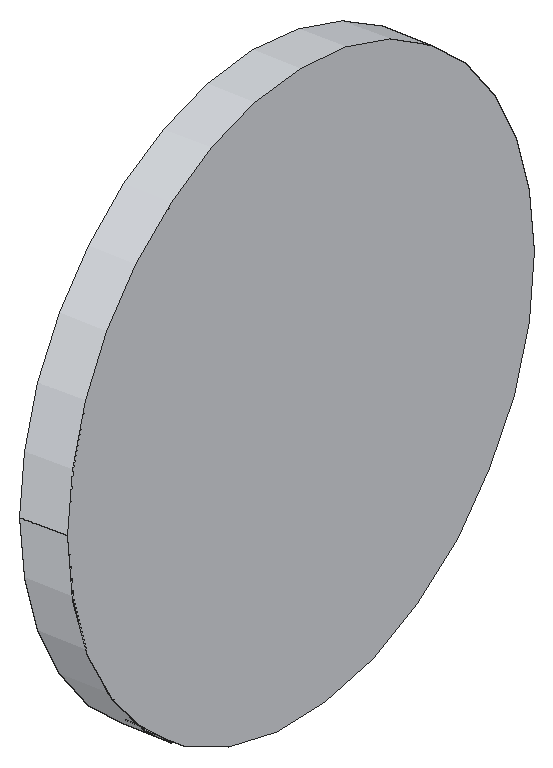
Revit family "Syst Splitter - Sanitary and Vent", category Pipe Fittings, Revit 2019
Family settings
  Round Connector Dimension = Use Radius
  Part Type = Transition
  OmniClass Number = 23.60.30.11.14
  OmniClass Title = Pipework Fittings
  Work Plane-Based = No
  Always vertical = Yes
  Cut with Voids When Loaded = No
  Shared = No
Parameters (values of type "Water Closet, Tank")
  Utiliser l'échelle d'annotations [instance] = 1
  Nominal Radius [instance] = Nominal Diameter / 2  # 50 mm
  Nominal Diameter [instance] = 100 mm
  Nom_equipement_01_TEXT [instance] = ""
  Nom de la table de recherche = "STN_Pipe_Cast_Iron_Copper"
  Height = 10 mm
  Insulation Thickness [instance] = 0 mm
  Insulation Radius [instance] = Fitting Outside Radius + Insulation Thickness  # 60.96 mm
  Fixture Units = 4
  Fitting Outside Radius [instance] = Fitting Outside Diameter / 2  # 60.96 mm
  Fitting Outside Diameter [instance] = size_lookup(Nom de la table de recherche, "FOD", Nominal Diameter + 3.175 mm, Nominal Diameter)  # 121.92 mm
  Coefficient K = 0.1
  Assembly Code = ""
Types (33, lengths in mm): name | Fixture Units
  Water Closet, Tank | 4
  Water closet, private (1.6 gpf) | 3
  _NO FIXTURE (VENT ONLY) | 0
  Water closet, private (flushing greater than 1.6 gpf) | 4
  Water closet, public (1.6 gpf) | 4
  Water closet, public (flushing greater than 1.6 gpf) | 6
  Floor sinks | 0
  Lavatory | 1
  Kitchen sink | 2
  Drinking fountain | 0.5
  Dishwashing machine | 2
  Shower, 5.7 gpm or less | 2
  Shower, 5.7 gpm to 12.3 gpm | 3
  Shower, 12.3 gpm to 25.8 gpm | 5
  Shower, 25.8 gpm to 55.6 gpm | 6
  Sink | 2
  Urinal | 4
  Urinal, 1 gallon per flush or less | 2
  Urinal, nonwater supplied | 0.5
  Service sink | 2
  Automatic clothes washers, commercial | 3
  Automatic clothes washers, residential | 2
  Bathroom group Section 202 (1.6 gpf water closet) | 5
  Bathroom Group Section 202 (above 1.6 gpf water closet) | 6
  Bathtub | 2
  Bidet | 1
  Combination sink and tray | 2
  Dental lavatory | 1
  Dental unit or cuspidor | 1
  Emergency floor drain | 0
  Floor drains | 2
  Laundry tray (1 or 2 compartments) | 2
  Wash sink (circular or multiple) each set of faucets | 2
Reference planes
  plane 1 "Centre (Front/Back)": y = 0
  plane 2: z = 0
  plane 3 "Centre (Left/Right)": x = 0
  plane 4: x = 10
  plane 5: x = 10
  plane 6: y = 60.96
  plane 7: y = -60.96
Forms (mm)
  Extrusion 1, solid, detail levels fine
    sketch origin (0, 0, 0) x (0, 1, 0) y (0, 0, 1)
      loop
        circle (0, 0) r 60.96
    from 0 to 10
  Extrusion 2, solid
    sketch origin (0, 0, 0) x (0, 1, 0) y (0, 0, 1)
      loop
        circle (0, 0) r 60.96
    from 0 to 10
Lines and regions (mm)
  model lines, style "InvisibleLines"
    curve 1: line (37.946, 99.919, 0) -> (-38.304, 99.919, 0)
    curve 2: line (-38.304, 99.919, 0) -> (-21.31, 91.995, 0)
    curve 3: line (-38.304, 99.919, 0) -> (-21.31, 107.843, 0)
Dimensions and locks
  "Height": plane 3 "Centre (Left/Right)" to plane 4
  "Insulation Thickness": plane 4 to plane 5
  "Fitting Outside Radius": plane 6 to plane 1 "Centre (Front/Back)"
  "Fitting Outside Radius": plane 1 "Centre (Front/Back)" to plane 7
  "Fitting Outside Radius": radius of Extrusion 1 sketch curve
  "Insulation Radius": radius of Extrusion 2 sketch curve
  aligned and locked: plane 1 "Centre (Front/Back)" to Extrusion 1 sketch curve
  aligned and locked: plane 2 to Extrusion 1 sketch curve
  aligned and locked: Extrusion 1 to plane 3 "Centre (Left/Right)"
  aligned and locked: plane 4 to Extrusion 1
  aligned and locked: plane 1 "Centre (Front/Back)" to Extrusion 2 sketch curve
  aligned and locked: plane 2 to Extrusion 2 sketch curve
  aligned and locked: Extrusion 2 to plane 3 "Centre (Left/Right)"
  aligned and locked: plane 5 to Extrusion 2
Automatic sketch dimensions
  curve 1 to plane 3 "Centre (Left/Right)" = 38.304 mm
  plane 6 to curve 1 = 38.959 mm
  curve 1 to curve 2 = 16.993 mm
  curve 3 to curve 2 = 0 mm
  plane 4 to curve 1 = 27.946 mm
  curve 2 to curve 1 = 7.924 mm
  curve 2 to curve 3 = 15.848 mm
Connectors
  piping at (0, 0, 0), diameter 100, driven by "Nominal Radius", driven by "Fixture Units"
    settings: on Extrusion 1, index 1, connector inside diameter 100 mm, connector length 0 mm, flow factor 0, pipe flow 0.0 L/s, pressure drop 0.0 Pa, fitting loss kfactor 0, connector angle 0.00°, fixture units 4, engagement length 0 mm, angle of deflection 0.00°, flow configuration 3, flow direction 2, fitting loss method 0, system type 16, joint type 0, gender type 0, connector reference index -1, connector utility 0, adjustable connector yes, is connector primary yes, connector description "Sanitary Out"
  piping at (10, 0, 0), diameter 100, driven by "Nominal Radius"
    settings: on Extrusion 1, index 2, connector inside diameter 100 mm, connector length 0 mm, flow factor 0, pipe flow 0.0 L/s, pressure drop 0.0 Pa, fitting loss kfactor 0, connector angle 0.00°, fixture units 0, engagement length 0 mm, angle of deflection 0.00°, flow configuration 3, flow direction 1, fitting loss method 0, system type 16, joint type 0, gender type 0, connector reference index -1, connector utility 0, adjustable connector yes, is connector primary no, connector description "Vent In"
